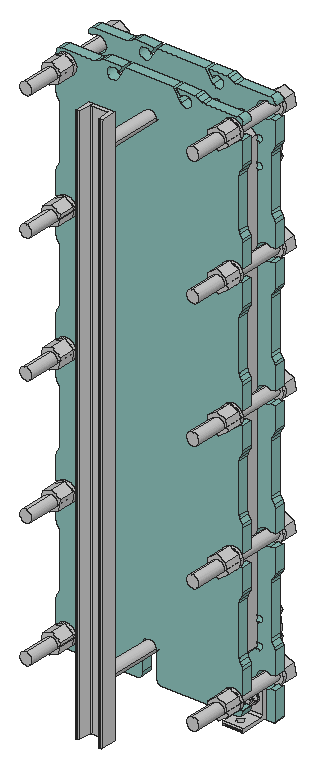
Revit family "MIT 535 - Heat Exchanger", category Specialty Equipment, Revit 2022 (continued)
Automatic sketch dimensions
  Extrusion 2 sketch curve to Extrusion 2 sketch curve = 15.00 mm  (x5)
  Extrusion 2 sketch curve to Extrusion 2 sketch curve = 3.302 mm  (x4)
  Extrusion 2 sketch curve to Extrusion 2 sketch curve = 13.302 mm  (x11)
  Extrusion 2 sketch curve to Extrusion 2 sketch curve = 10.00 mm  (x12)
  Extrusion 2 sketch curve to Extrusion 2 sketch curve = 79.91 mm
  Extrusion 2 sketch curve to Extrusion 2 sketch curve = 7.50 mm  (x8)
  Extrusion 2 sketch curve to Extrusion 2 sketch curve = 10.359 mm  (x12)
  Extrusion 2 sketch curve to Extrusion 2 sketch curve = 22.231 mm  (x2)
  Extrusion 2 sketch curve to Extrusion 2 sketch curve = 0.804 mm  (x2)
  Extrusion 2 sketch curve to Extrusion 2 sketch curve = 9.588 mm  (x2)
  Extrusion 2 sketch curve to Extrusion 2 sketch curve = 6.928 mm  (x2)
  plane 3 "Center (Left/Right)" to Extrusion 2 sketch curve = 31.583 mm
  plane 3 "Center (Left/Right)" to Extrusion 2 sketch curve = 16.583 mm
  plane 3 "Center (Left/Right)" to Extrusion 2 sketch curve = 0.039 mm
  Extrusion 2 sketch curve to plane 3 "Center (Left/Right)" = 0.00 mm
  Extrusion 2 sketch curve to plane 3 "Center (Left/Right)" = 59.689 mm
  Extrusion 2 sketch curve to Extrusion 2 sketch curve = 13.794 mm
  Extrusion 2 sketch curve to plane 3 "Center (Left/Right)" = 207.50 mm  (x3)
  level to Extrusion 2 sketch curve = 88.00 mm
  Extrusion 2 sketch curve to Extrusion 2 sketch curve = 175.996 mm
  Extrusion 2 sketch curve to Extrusion 2 sketch curve = 69.91 mm
  Extrusion 2 sketch curve to Extrusion 2 sketch curve = 16.25 mm  (x9)
  level to Extrusion 2 sketch curve = 71.75 mm
  Extrusion 2 sketch curve to Extrusion 2 sketch curve = 1.75 mm  (x2)
  level to Extrusion 2 sketch curve = 70.00 mm
  Extrusion 2 sketch curve to Extrusion 2 sketch curve = 18.00 mm
  Extrusion 2 sketch curve to Extrusion 2 sketch curve = 63.013 mm
  Extrusion 2 sketch curve to Extrusion 2 sketch curve = 17.859 mm  (x2)
  Extrusion 2 sketch curve to Extrusion 2 sketch curve = 122.321 mm  (x6)
  Extrusion 2 sketch curve to Extrusion 2 sketch curve = 55.981 mm  (x12)
  plane 11 "12" to Extrusion 2 sketch curve = 56.00 mm
  Extrusion 2 sketch curve to Extrusion 2 sketch curve = 56.00 mm  (x2)
  Extrusion 2 sketch curve to Extrusion 2 sketch curve = 0.75 mm  (x2)
  plane 3 "Center (Left/Right)" to Extrusion 2 sketch curve = 15.00 mm
  Extrusion 3 sketch curve to Extrusion 3 sketch curve = 0.00 mm  (x8)
  Extrusion 3 sketch curve to plane 11 "12" = 0.00 mm  (x2)
  plane 3 "Center (Left/Right)" to Extrusion 3 sketch curve = 185.00 mm
  plane 11 "12" to Extrusion 3 sketch curve = 65.00 mm  (x2)
  Extrusion 3 sketch curve to Extrusion 3 sketch curve = 30.00 mm  (x3)
  Extrusion 3 sketch curve to Extrusion 3 sketch curve = 36.00 mm  (x4)
  plane 3 "Center (Left/Right)" to Extrusion 3 sketch curve = 27.00 mm  (x2)
  Extrusion 3 sketch curve to Extrusion 3 sketch curve = 3.00 mm  (x4)
  Extrusion 3 sketch curve to Extrusion 3 sketch curve = 3.087 mm  (x2)
  Extrusion 3 sketch curve to Extrusion 3 sketch curve = 7.00 mm  (x4)
  Extrusion 3 sketch curve to Extrusion 3 sketch curve = 4.513 mm  (x4)
  Extrusion 3 sketch curve to Extrusion 3 sketch curve = 1.805 mm  (x4)
  Extrusion 3 sketch curve to plane 3 "Center (Left/Right)" = 15.195 mm  (x2)
  Extrusion 3 sketch curve to Extrusion 3 sketch curve = 1.205 mm
  Extrusion 3 sketch curve to plane 3 "Center (Left/Right)" = 16.40 mm
  Extrusion 3 sketch curve to Extrusion 3 sketch curve = 98.087 mm  (x2)
  level to Extrusion 3 sketch curve = 188.00 mm  (x2)
  Extrusion 3 sketch curve to Extrusion 3 sketch curve = 35.00 mm  (x2)
  Extrusion 3 sketch curve to Extrusion 3 sketch curve = 40.00 mm
  Extrusion 3 sketch curve to Extrusion 3 sketch curve = 5.00 mm  (x4)
  Extrusion 3 sketch curve to Extrusion 3 sketch curve = 11.986 mm  (x2)
  Extrusion 3 sketch curve to Extrusion 3 sketch curve = 0.861 mm  (x2)
  plane 11 "12" to Extrusion 3 sketch curve = 35.00 mm  (x2)
  Extrusion 3 sketch curve to Extrusion 3 sketch curve = 22.00 mm
  Extrusion 3 sketch curve to Extrusion 3 sketch curve = 2.861 mm  (x2)
  Extrusion 3 sketch curve to plane 11 "12" = 44.00 mm
  Extrusion 3 sketch curve to Extrusion 3 sketch curve = 44.00 mm  (x3)
  Extrusion 4 sketch curve to Extrusion 4 sketch curve = 0.00 mm  (x4)
  Extrusion 4 sketch curve to plane 3 "Center (Left/Right)" = 0.00 mm  (x2)
  level to Extrusion 4 sketch curve = 132.00 mm
  plane 11 "12" to Extrusion 4 sketch curve = 56.00 mm
  Extrusion 4 sketch curve to Extrusion 4 sketch curve = 15.00 mm  (x2)
  Extrusion 5 sketch curve to Extrusion 5 sketch curve = 0.00 mm  (x20)
  Extrusion 5 sketch curve to plane 3 "Center (Left/Right)" = 207.50 mm  (x5)
  level to Extrusion 5 sketch curve = 88.00 mm  (x2)
  plane 11 "12" to Extrusion 5 sketch curve = 100.00 mm  (x2)
  plane 3 "Center (Left/Right)" to Extrusion 5 sketch curve = 207.50 mm  (x5)
  Extrusion 5 sketch curve to Extrusion 5 sketch curve = 317.50 mm  (x4)
  Extrusion 5 sketch curve to plane 11 "12" = 217.50 mm  (x2)
  Extrusion 5 sketch curve to Extrusion 5 sketch curve = 1.809 mm  (x20)
  Extrusion 5 sketch curve to Extrusion 5 sketch curve = 14.891 mm  (x10)
  level to Extrusion 6 sketch curve = 44.072 mm  (x2)
  Extrusion 6 sketch curve to plane 3 "Center (Left/Right)" = 196.904 mm
  level to Extrusion 6 sketch curve = 57.01 mm  (x2)
  Extrusion 6 sketch curve to Extrusion 6 sketch curve = 6.398 mm
  level to Extrusion 6 sketch curve = 32.062 mm  (x2)
  Extrusion 6 sketch curve to Extrusion 6 sketch curve = 8.006 mm  (x2)
  level to Extrusion 6 sketch curve = 57.938 mm  (x2)
  Extrusion 6 sketch curve to Extrusion 6 sketch curve = 14.404 mm  (x2)
  level to Extrusion 6 sketch curve = 32.99 mm  (x2)
  Extrusion 6 sketch curve to Extrusion 6 sketch curve = 14.403 mm  (x2)
  level to Extrusion 6 sketch curve = 45.929 mm  (x2)
  Extrusion 6 sketch curve to Extrusion 6 sketch curve = 8.005 mm  (x2)
  plane 3 "Center (Left/Right)" to Extrusion 6 sketch curve = 168.097 mm
  Extrusion 6 sketch curve to Extrusion 6 sketch curve = 6.399 mm
  Extrusion 7 sketch curve to Extrusion 7 sketch curve = 0.00 mm  (x4)
  level to Extrusion 7 sketch curve = 44.999 mm  (x2)
  Extrusion 7 sketch curve to plane 3 "Center (Left/Right)" = 182.524 mm
  plane 3 "Center (Left/Right)" to Extrusion 7 sketch curve = 182.524 mm
  Extrusion 7 sketch curve to Extrusion 7 sketch curve = 0.115 mm  (x4)
  Extrusion 7 sketch curve to Extrusion 7 sketch curve = 15.00 mm  (x2)
  Extrusion 8 sketch curve to Extrusion 8 sketch curve = 0.00 mm  (x4)
  level to Extrusion 8 sketch curve = 45.00 mm  (x2)
  Extrusion 8 sketch curve to plane 3 "Center (Left/Right)" = 182.50 mm
  plane 3 "Center (Left/Right)" to Extrusion 8 sketch curve = 182.50 mm
  Extrusion 8 sketch curve to Extrusion 8 sketch curve = 4.437 mm  (x4)
  Extrusion 8 sketch curve to Extrusion 8 sketch curve = 6.657 mm  (x2)
  level to Extrusion 9 sketch curve = 45.929 mm
  plane 3 "Center (Left/Right)" to Extrusion 9 sketch curve = 168.097 mm
  level to Extrusion 9 sketch curve = 32.99 mm
  Extrusion 9 sketch curve to Extrusion 9 sketch curve = 6.398 mm
  level to Extrusion 9 sketch curve = 57.939 mm
  Extrusion 9 sketch curve to Extrusion 9 sketch curve = 8.006 mm  (x2)
  level to Extrusion 9 sketch curve = 32.063 mm
  Extrusion 9 sketch curve to Extrusion 9 sketch curve = 14.404 mm  (x2)
  level to Extrusion 9 sketch curve = 57.011 mm
  level to Extrusion 9 sketch curve = 44.073 mm
  Extrusion 10 sketch curve to Extrusion 10 sketch curve = 0.00 mm  (x73)
  Extrusion 10 sketch curve to plane 3 "Center (Left/Right)" = 192.912 mm  (x2)
  Extrusion 10 sketch curve to plane 11 "12" = 30.615 mm  (x4)
  Extrusion 10 sketch curve to Extrusion 10 sketch curve = 43.296 mm  (x23)
  Extrusion 10 sketch curve to Extrusion 10 sketch curve = 61.229 mm  (x12)
  Extrusion 10 sketch curve to plane 3 "Center (Left/Right)" = 45.091 mm  (x4)
  plane 3 "Center (Left/Right)" to Extrusion 10 sketch curve = 45.09 mm  (x4)
  Extrusion 10 sketch curve to plane 11 "12" = 73.91 mm
  level to Extrusion 10 sketch curve = 261.91 mm
  plane 11 "12" to Extrusion 10 sketch curve = 30.615 mm  (x4)
  Extrusion 10 sketch curve to Extrusion 10 sketch curve = 10.607 mm  (x48)
  Extrusion 10 sketch curve to Extrusion 10 sketch curve = 15.00 mm  (x16)
  plane 11 "12" to Extrusion 11 sketch curve = 30.615 mm  (x4)
  Extrusion 11 sketch curve to plane 3 "Center (Left/Right)" = 207.346 mm  (x2)
  Extrusion 11 sketch curve to Extrusion 11 sketch curve = 0.492 mm  (x2)
  Extrusion 11 sketch curve to plane 11 "12" = 26.879 mm  (x2)
  Extrusion 11 sketch curve to plane 11 "12" = 40.821 mm  (x2)
  Extrusion 11 sketch curve to Extrusion 11 sketch curve = 3.736 mm  (x44)
  Extrusion 11 sketch curve to Extrusion 11 sketch curve = 7.217 mm  (x48)
  plane 11 "12" to Extrusion 11 sketch curve = 43.115 mm  (x2)
  Extrusion 11 sketch curve to plane 11 "12" = 16.673 mm  (x4)
  Extrusion 11 sketch curve to Extrusion 11 sketch curve = 10.206 mm  (x39)
  Extrusion 11 sketch curve to plane 11 "12" = 44.557 mm  (x2)
  Extrusion 11 sketch curve to Extrusion 11 sketch curve = 13.942 mm  (x59)
  Extrusion 11 sketch curve to Extrusion 11 sketch curve = 14.434 mm  (x32)
  Extrusion 11 sketch curve to plane 11 "12" = 20.408 mm  (x4)
  Extrusion 11 sketch curve to plane 11 "12" = 34.35 mm  (x2)
  Extrusion 11 sketch curve to Extrusion 11 sketch curve = 22.137 mm  (x4)
  plane 11 "12" to Extrusion 11 sketch curve = 70.175 mm  (x2)
  Extrusion 11 sketch curve to Extrusion 11 sketch curve = 27.06 mm  (x8)
  plane 11 "12" to Extrusion 11 sketch curve = 59.968 mm  (x2)
  Extrusion 11 sketch curve to Extrusion 11 sketch curve = 12.50 mm  (x43)
  Extrusion 11 sketch curve to plane 11 "12" = 59.477 mm  (x2)
  plane 11 "12" to Extrusion 11 sketch curve = 63.704 mm  (x2)
  Extrusion 11 sketch curve to Extrusion 11 sketch curve = 33.345 mm  (x4)
  Extrusion 11 sketch curve to Extrusion 11 sketch curve = 36.229 mm  (x4)
  Extrusion 11 sketch curve to Extrusion 11 sketch curve = 25.126 mm  (x8)
  Extrusion 11 sketch curve to Extrusion 11 sketch curve = 16.854 mm  (x6)
  plane 3 "Center (Left/Right)" to Extrusion 11 sketch curve = 30.656 mm  (x2)
  plane 3 "Center (Left/Right)" to Extrusion 11 sketch curve = 31.148 mm  (x2)
  plane 11 "12" to Extrusion 11 sketch curve = 18.115 mm  (x3)
  Extrusion 11 sketch curve to Extrusion 11 sketch curve = 0.00 mm  (x4)
  level to Extrusion 11 sketch curve = 275.852 mm  (x2)
  Extrusion 11 sketch curve to Extrusion 11 sketch curve = 34.787 mm  (x4)
  Extrusion 11 sketch curve to Extrusion 11 sketch curve = 24.148 mm  (x2)
  Extrusion 12 sketch curve to Extrusion 12 sketch curve = 0.00 mm  (x4)
  Extrusion 12 sketch curve to plane 3 "Center (Left/Right)" = 0.00 mm  (x2)
  level to Extrusion 12 sketch curve = 132.00 mm
  plane 11 "12" to Extrusion 12 sketch curve = 56.00 mm
  Extrusion 12 sketch curve to plane 3 "Center (Left/Right)" = 9.00 mm  (x2)
  Extrusion 13 sketch curve to plane 8 "3" = 0.00 mm
  Extrusion 13 sketch curve to plane 3 "Center (Left/Right)" = 32.501 mm
  Extrusion 13 sketch curve to Extrusion 13 sketch curve = 3.00 mm  (x3)
  Extrusion 13 sketch curve to Extrusion 13 sketch curve = 1.794 mm  (x2)
  Extrusion 13 sketch curve to Extrusion 13 sketch curve = 2.984 mm  (x2)
  Extrusion 13 sketch curve to plane 8 "3" = 6.00 mm
  Extrusion 13 sketch curve to Extrusion 13 sketch curve = 13.716 mm
  Extrusion 13 sketch curve to plane 8 "3" = 9.00 mm
  plane 3 "Center (Left/Right)" to Extrusion 13 sketch curve = 18.785 mm
  Extrusion 13 sketch curve to plane 8 "3" = 8.622 mm
  plane 3 "Center (Left/Right)" to Extrusion 13 sketch curve = 24.721 mm
  Extrusion 13 sketch curve to Extrusion 13 sketch curve = 31.00 mm
  Extrusion 13 sketch curve to Extrusion 13 sketch curve = 0.00 mm  (x2)
  Extrusion 13 sketch curve to plane 8 "3" = 8.692 mm
  Extrusion 13 sketch curve to Extrusion 13 sketch curve = 2.985 mm
  Extrusion 13 sketch curve to Extrusion 13 sketch curve = 0.001 mm
  Extrusion 14 sketch curve to Extrusion 14 sketch curve = 0.00 mm  (x20)
  Extrusion 14 sketch curve to plane 3 "Center (Left/Right)" = 207.50 mm  (x5)
  level to Extrusion 14 sketch curve = 88.00 mm  (x2)
  plane 11 "12" to Extrusion 14 sketch curve = 100.00 mm  (x2)
  plane 3 "Center (Left/Right)" to Extrusion 14 sketch curve = 207.50 mm  (x5)
  Extrusion 14 sketch curve to Extrusion 14 sketch curve = 317.50 mm  (x4)
  Extrusion 14 sketch curve to plane 11 "12" = 217.50 mm  (x2)
  Extrusion 14 sketch curve to Extrusion 14 sketch curve = 1.233 mm  (x20)
  Extrusion 14 sketch curve to Extrusion 14 sketch curve = 24.97 mm  (x10)
  Extrusion 15 sketch curve to Extrusion 2 = 0.832 mm  (x10)
  Extrusion 2 to Extrusion 15 sketch curve = 0.467 mm  (x20)
  Extrusion 15 sketch curve to Extrusion 2 = 4.00 mm  (x10)
  Extrusion 15 sketch curve to Extrusion 2 = 11.832 mm  (x10)
  Extrusion 15 sketch curve to Extrusion 2 = 18.168 mm  (x10)
  Extrusion 15 sketch curve to Extrusion 2 = 5.922 mm  (x2)
  Extrusion 15 sketch curve to Extrusion 15 sketch curve = 24.168 mm  (x5)
  Extrusion 2 to Extrusion 15 sketch curve = 5.955 mm  (x20)
  Extrusion 15 sketch curve to Extrusion 15 sketch curve = 21.00 mm  (x4)
  Extrusion 15 sketch curve to Extrusion 15 sketch curve = 3.168 mm  (x6)
  Extrusion 15 sketch curve to Extrusion 2 = 39.168 mm  (x5)
  Extrusion 15 sketch curve to Extrusion 2 = 6.922 mm  (x2)
  Extrusion 15 sketch curve to Extrusion 2 = 9.828 mm  (x16)
  Extrusion 16 sketch curve to Extrusion 16 sketch curve = 0.00 mm  (x20)
  Extrusion 16 sketch curve to Extrusion 2 = 15.00 mm  (x10)
  Extrusion 2 to Extrusion 16 sketch curve = 16.25 mm  (x10)
  Extrusion 16 sketch curve to Extrusion 2 = 13.767 mm  (x9)
  Extrusion 16 sketch curve to Extrusion 2 = 16.232 mm  (x10)
  Extrusion 16 sketch curve to Extrusion 2 = 7.03 mm  (x2)
  Extrusion 16 sketch curve to Extrusion 2 = 8.72 mm  (x7)
  Extrusion 16 sketch curve to Extrusion 2 = 8.031 mm
  Extrusion 16 sketch curve to Extrusion 2 = 8.03 mm
  Extrusion 17 sketch curve to plane 3 "Center (Left/Right)" = 231.668 mm  (x5)
  plane 11 "12" to Extrusion 17 sketch curve = 89.705 mm  (x2)
  level to Extrusion 17 sketch curve = 77.705 mm  (x2)
  Extrusion 17 sketch curve to Extrusion 17 sketch curve = 3.168 mm  (x15)
  level to Extrusion 17 sketch curve = 103.783 mm  (x2)
  Extrusion 17 sketch curve to Extrusion 17 sketch curve = 21.00 mm  (x15)
  plane 11 "12" to Extrusion 17 sketch curve = 73.922 mm  (x2)
  level to Extrusion 17 sketch curve = 61.922 mm  (x2)
  Extrusion 17 sketch curve to Extrusion 17 sketch curve = 24.168 mm  (x20)
  plane 11 "12" to Extrusion 17 sketch curve = 84.217 mm  (x2)
  level to Extrusion 17 sketch curve = 72.217 mm  (x2)
  plane 3 "Center (Left/Right)" to Extrusion 17 sketch curve = 183.332 mm  (x5)
  Extrusion 17 sketch curve to Extrusion 17 sketch curve = 26.078 mm  (x18)
  Extrusion 17 sketch curve to Extrusion 17 sketch curve = 10.295 mm  (x12)
  Extrusion 17 sketch curve to Extrusion 17 sketch curve = 265.345 mm  (x4)
  Extrusion 17 sketch curve to Extrusion 17 sketch curve = 15.783 mm  (x10)
  Extrusion 17 sketch curve to plane 11 "12" = 243.578 mm  (x2)
  Extrusion 19 sketch curve to Extrusion 19 sketch curve = 0.00 mm  (x106)
  Extrusion 19 sketch curve to plane 11 "12" = 0.00 mm  (x2)
  Extrusion 19 sketch curve to plane 3 "Center (Left/Right)" = 192.91 mm  (x2)
  Extrusion 19 sketch curve to plane 11 "12" = 30.615 mm  (x4)
  Extrusion 19 sketch curve to Extrusion 19 sketch curve = 43.296 mm  (x22)
  Extrusion 19 sketch curve to Extrusion 19 sketch curve = 30.615 mm  (x4)
  Extrusion 19 sketch curve to Extrusion 19 sketch curve = 61.229 mm  (x12)
  Extrusion 19 sketch curve to plane 3 "Center (Left/Right)" = 45.09 mm  (x4)
  plane 3 "Center (Left/Right)" to Extrusion 19 sketch curve = 45.09 mm  (x4)
  Extrusion 19 sketch curve to plane 11 "12" = 73.91 mm
  level to Extrusion 19 sketch curve = 261.91 mm
  Extrusion 19 sketch curve to Extrusion 19 sketch curve = 73.91 mm  (x2)
  plane 11 "12" to Extrusion 19 sketch curve = 30.615 mm  (x4)
  Extrusion 19 sketch curve to Extrusion 19 sketch curve = 6.364 mm  (x24)
  Extrusion 19 sketch curve to Extrusion 19 sketch curve = 13.099 mm  (x2)
  Extrusion 19 sketch curve to Extrusion 19 sketch curve = 9.00 mm  (x16)
  Extrusion 19 sketch curve to Extrusion 19 sketch curve = 1.382 mm  (x9)
  Extrusion 19 sketch curve to Extrusion 19 sketch curve = 27.56 mm  (x2)
  Extrusion 19 sketch curve to Extrusion 19 sketch curve = 36.56 mm  (x4)
  Extrusion 19 sketch curve to plane 11 "12" = 31.997 mm  (x2)
  Extrusion 19 sketch curve to Extrusion 19 sketch curve = 30.197 mm  (x2)
  Extrusion 19 sketch curve to Extrusion 19 sketch curve = 6.735 mm  (x2)
  Extrusion 19 sketch curve to Extrusion 19 sketch curve = 41.914 mm
  Extrusion 20 sketch curve to Extrusion 20 sketch curve = 0.00 mm  (x2)
  plane 3 "Center (Left/Right)" to Extrusion 20 sketch curve = 182.50 mm
  Extrusion 20 sketch curve to Extrusion 20 sketch curve = 25.00 mm  (x2)
  Extrusion 20 sketch curve to plane 3 "Center (Left/Right)" = 157.50 mm
  Extrusion 20 sketch curve to Extrusion 20 sketch curve = 9.00 mm  (x2)
  Extrusion 21 sketch curve to Extrusion 21 sketch curve = 0.00 mm  (x12)
  Extrusion 21 sketch curve to level = 0.00 mm  (x2)
  plane 11 "12" to Extrusion 21 sketch curve = 117.00 mm
  Extrusion 21 sketch curve to plane 3 "Center (Left/Right)" = 232.50 mm
  Extrusion 21 sketch curve to Extrusion 21 sketch curve = 15.00 mm
  Extrusion 21 sketch curve to plane 3 "Center (Left/Right)" = 207.50 mm  (x3)
  Extrusion 21 sketch curve to Extrusion 21 sketch curve = 10.00 mm  (x3)
  Extrusion 21 sketch curve to Extrusion 21 sketch curve = 25.00 mm  (x3)
  Extrusion 21 sketch curve to Extrusion 21 sketch curve = 73.93 mm  (x2)
  Extrusion 21 sketch curve to Extrusion 21 sketch curve = 50.00 mm  (x3)
  Extrusion 21 sketch curve to plane 11 "12" = 0.00 mm  (x2)
  Extrusion 21 sketch curve to plane 3 "Center (Left/Right)" = 119.00 mm  (x2)
  Extrusion 21 sketch curve to Extrusion 21 sketch curve = 17.321 mm  (x2)
  Extrusion 21 sketch curve to Extrusion 21 sketch curve = 33.50 mm  (x2)
  Extrusion 21 sketch curve to Extrusion 21 sketch curve = 26.25 mm  (x2)
  Extrusion 21 sketch curve to plane 3 "Center (Left/Right)" = 0.00 mm  (x2)
  plane 3 "Center (Left/Right)" to Extrusion 21 sketch curve = 90.00 mm
  plane 3 "Center (Left/Right)" to Extrusion 21 sketch curve = 99.00 mm
  plane 3 "Center (Left/Right)" to Extrusion 21 sketch curve = 119.00 mm  (x2)
  plane 3 "Center (Left/Right)" to Extrusion 21 sketch curve = 207.50 mm  (x3)
  Extrusion 21 sketch curve to Extrusion 21 sketch curve = 27.50 mm  (x3)
  level to Extrusion 21 sketch curve = 45.00 mm  (x2)
  Extrusion 21 sketch curve to Extrusion 21 sketch curve = 43.00 mm  (x2)
  Extrusion 21 sketch curve to Extrusion 21 sketch curve = 77.00 mm
  Extrusion 21 sketch curve to Extrusion 21 sketch curve = 56.00 mm  (x2)
  Extrusion 21 sketch curve to Extrusion 21 sketch curve = 217.50 mm  (x2)
  Extrusion 21 sketch curve to Extrusion 21 sketch curve = 317.50 mm  (x2)
  Extrusion 21 sketch curve to plane 11 "12" = 217.50 mm  (x2)
  plane 11 "12" to Extrusion 21 sketch curve = 56.00 mm
  Extrusion 21 sketch curve to Extrusion 21 sketch curve = 17.00 mm  (x2)
  plane 11 "12" to Extrusion 21 sketch curve = 100.00 mm
  Extrusion 21 sketch curve to Extrusion 21 sketch curve = 12.50 mm  (x2)
  Extrusion 21 sketch curve to Extrusion 21 sketch curve = 40.00 mm  (x4)
  Extrusion 21 sketch curve to Extrusion 21 sketch curve = 6.25 mm  (x2)
  Extrusion 22 sketch curve to Extrusion 22 sketch curve = 0.00 mm  (x26)
  level to Extrusion 22 sketch curve = 55.00 mm
  plane 3 "Center (Left/Right)" to Extrusion 22 sketch curve = 232.50 mm
  Extrusion 22 sketch curve to Extrusion 22 sketch curve = 15.00 mm  (x4)
  plane 3 "Center (Left/Right)" to Extrusion 22 sketch curve = 207.50 mm  (x3)
  Extrusion 22 sketch curve to Extrusion 22 sketch curve = 25.00 mm
  Extrusion 22 sketch curve to Extrusion 22 sketch curve = 10.00 mm  (x3)
  Extrusion 22 sketch curve to Extrusion 22 sketch curve = 73.93 mm  (x2)
  Extrusion 22 sketch curve to Extrusion 22 sketch curve = 17.321 mm  (x2)
  Extrusion 22 sketch curve to Extrusion 22 sketch curve = 26.25 mm  (x2)
  plane 3 "Center (Left/Right)" to Extrusion 22 sketch curve = 0.039 mm
  Extrusion 22 sketch curve to plane 3 "Center (Left/Right)" = 0.00 mm
  Extrusion 22 sketch curve to plane 3 "Center (Left/Right)" = 90.00 mm
  Extrusion 22 sketch curve to plane 3 "Center (Left/Right)" = 207.50 mm  (x4)
  level to Extrusion 22 sketch curve = 88.00 mm
  Extrusion 22 sketch curve to Extrusion 22 sketch curve = 33.00 mm  (x2)
  level to Extrusion 22 sketch curve = 133.013 mm
  Extrusion 22 sketch curve to Extrusion 22 sketch curve = 317.50 mm  (x4)
  Extrusion 22 sketch curve to plane 11 "12" = 217.50 mm  (x2)
  plane 11 "12" to Extrusion 22 sketch curve = 56.00 mm
  plane 11 "12" to Extrusion 22 sketch curve = 100.00 mm  (x2)
  Extrusion 22 sketch curve to Extrusion 22 sketch curve = 16.944 mm  (x2)
  Extrusion 22 sketch curve to Extrusion 22 sketch curve = 0.056 mm  (x2)
  Extrusion 22 sketch curve to Extrusion 22 sketch curve = 12.50 mm  (x2)
  Extrusion 22 sketch curve to Extrusion 22 sketch curve = 21.00 mm  (x9)
  Extrusion 22 sketch curve to Extrusion 22 sketch curve = 4.00 mm
  plane 3 "Center (Left/Right)" to Extrusion 22 sketch curve = 15.00 mm
  plane 3 "Center (Left/Right)" to Extrusion 23 sketch curve = 185.00 mm
  plane 11 "12" to Extrusion 23 sketch curve = 65.00 mm
  Extrusion 23 sketch curve to Extrusion 23 sketch curve = 30.00 mm  (x4)
  plane 3 "Center (Left/Right)" to Extrusion 23 sketch curve = 27.00 mm  (x2)
  Extrusion 23 sketch curve to Extrusion 23 sketch curve = 2.675 mm  (x2)
  Extrusion 23 sketch curve to Extrusion 23 sketch curve = 13.17 mm  (x4)
  Extrusion 23 sketch curve to plane 3 "Center (Left/Right)" = 13.83 mm  (x2)
  Extrusion 23 sketch curve to plane 3 "Center (Left/Right)" = 24.325 mm  (x2)
  Extrusion 23 sketch curve to Extrusion 23 sketch curve = 128.00 mm  (x2)
  Extrusion 23 sketch curve to Extrusion 23 sketch curve = 0.00 mm
  Extrusion 23 sketch curve to Extrusion 23 sketch curve = 3.00 mm  (x3)
  Extrusion 23 sketch curve to Extrusion 23 sketch curve = 22.00 mm  (x3)
  plane 11 "12" to Extrusion 23 sketch curve = 35.00 mm  (x2)
  level to Extrusion 23 sketch curve = 153.00 mm  (x2)
  level to Extrusion 23 sketch curve = 148.00 mm
  Extrusion 24 sketch curve to Extrusion 24 sketch curve = 0.00 mm  (x48)
  Extrusion 24 sketch curve to plane 11 "12" = 0.00 mm  (x2)
  Extrusion 24 sketch curve to plane 3 "Center (Left/Right)" = 119.00 mm  (x2)
  plane 3 "Center (Left/Right)" to Extrusion 24 sketch curve = 119.00 mm  (x2)
  level to Extrusion 24 sketch curve = 188.00 mm  (x2)
  Extrusion 24 sketch curve to Extrusion 24 sketch curve = 31.997 mm  (x10)
  Extrusion 24 sketch curve to Extrusion 24 sketch curve = 35.179 mm  (x8)
  plane 3 "Center (Left/Right)" to Extrusion 24 sketch curve = 51.825 mm  (x2)
  Extrusion 24 sketch curve to plane 11 "12" = 31.997 mm  (x2)
  Extrusion 24 sketch curve to Extrusion 24 sketch curve = 67.175 mm  (x2)
  Extrusion 25 sketch curve to Extrusion 25 sketch curve = 0.00 mm  (x4)
  Extrusion 25 sketch curve to level = 0.00 mm
  Extrusion 25 sketch curve to plane 3 "Center (Left/Right)" = 232.50 mm
  Extrusion 25 sketch curve to plane 3 "Center (Left/Right)" = 207.50 mm  (x3)
  Extrusion 25 sketch curve to Extrusion 25 sketch curve = 25.00 mm  (x4)
  Extrusion 25 sketch curve to plane 3 "Center (Left/Right)" = 90.00 mm
  Extrusion 25 sketch curve to plane 3 "Center (Left/Right)" = 0.00 mm  (x2)
  plane 3 "Center (Left/Right)" to Extrusion 25 sketch curve = 90.00 mm
  level to Extrusion 25 sketch curve = 45.00 mm  (x2)
  plane 3 "Center (Left/Right)" to Extrusion 25 sketch curve = 182.50 mm
  plane 3 "Center (Left/Right)" to Extrusion 25 sketch curve = 207.50 mm  (x3)
  Extrusion 25 sketch curve to Extrusion 25 sketch curve = 117.50 mm
  Extrusion 25 sketch curve to Extrusion 25 sketch curve = 50.00 mm
  Extrusion 25 sketch curve to Extrusion 25 sketch curve = 43.00 mm  (x2)
  level to Extrusion 25 sketch curve = 132.00 mm
  Extrusion 25 sketch curve to Extrusion 25 sketch curve = 317.50 mm  (x4)
  Extrusion 25 sketch curve to plane 11 "12" = 217.50 mm  (x2)
  plane 11 "12" to Extrusion 25 sketch curve = 56.00 mm
  plane 11 "12" to Extrusion 25 sketch curve = 100.00 mm  (x2)
  Extrusion 25 sketch curve to Extrusion 25 sketch curve = 63.50 mm  (x2)
  Extrusion 25 sketch curve to Extrusion 25 sketch curve = 42.00 mm
  Extrusion 25 sketch curve to Extrusion 25 sketch curve = 6.25 mm  (x2)
  Extrusion 26 sketch curve to Extrusion 26 sketch curve = 0.00 mm  (x26)
  level to Extrusion 26 sketch curve = 55.00 mm
  plane 3 "Center (Left/Right)" to Extrusion 26 sketch curve = 232.50 mm
  plane 3 "Center (Left/Right)" to Extrusion 26 sketch curve = 207.50 mm  (x3)
  Extrusion 26 sketch curve to Extrusion 26 sketch curve = 25.00 mm  (x3)
  plane 3 "Center (Left/Right)" to Extrusion 26 sketch curve = 90.00 mm
  plane 3 "Center (Left/Right)" to Extrusion 26 sketch curve = 0.039 mm
  Extrusion 26 sketch curve to plane 3 "Center (Left/Right)" = 0.00 mm
  Extrusion 26 sketch curve to plane 3 "Center (Left/Right)" = 90.00 mm
  Extrusion 26 sketch curve to plane 3 "Center (Left/Right)" = 207.50 mm  (x4)
  level to Extrusion 26 sketch curve = 88.00 mm
  Extrusion 26 sketch curve to Extrusion 26 sketch curve = 117.50 mm
  Extrusion 26 sketch curve to Extrusion 26 sketch curve = 33.00 mm  (x2)
  level to Extrusion 26 sketch curve = 133.013 mm
  Extrusion 26 sketch curve to Extrusion 26 sketch curve = 317.50 mm  (x4)
  Extrusion 26 sketch curve to plane 11 "12" = 217.50 mm  (x2)
  plane 11 "12" to Extrusion 26 sketch curve = 56.00 mm
  plane 11 "12" to Extrusion 26 sketch curve = 100.00 mm  (x2)
  Extrusion 26 sketch curve to Extrusion 26 sketch curve = 63.50 mm  (x2)
  Extrusion 26 sketch curve to Extrusion 26 sketch curve = 42.00 mm
  Extrusion 26 sketch curve to Extrusion 26 sketch curve = 21.00 mm  (x10)
  Extrusion 26 sketch curve to Extrusion 26 sketch curve = 15.00 mm  (x2)
  plane 3 "Center (Left/Right)" to Extrusion 26 sketch curve = 15.00 mm
  plane 11 "12" to Extrusion 27 sketch curve = 65.00 mm  (x2)
  plane 3 "Center (Left/Right)" to Extrusion 27 sketch curve = 185.00 mm
  plane 3 "Center (Left/Right)" to Extrusion 27 sketch curve = 27.00 mm  (x2)
  Extrusion 27 sketch curve to plane 3 "Center (Left/Right)" = 27.00 mm  (x2)
  Extrusion 27 sketch curve to Extrusion 27 sketch curve = 158.00 mm
  Extrusion 27 sketch curve to Extrusion 27 sketch curve = 25.00 mm
  level to Extrusion 27 sketch curve = 148.00 mm
  level to Extrusion 27 sketch curve = 123.00 mm  (x2)
  Extrusion 28 sketch curve to Extrusion 28 sketch curve = 0.00 mm  (x8)
  Extrusion 28 sketch curve to plane 11 "12" = 0.00 mm  (x2)
  Extrusion 28 sketch curve to plane 3 "Center (Left/Right)" = 119.00 mm  (x2)
  plane 3 "Center (Left/Right)" to Extrusion 28 sketch curve = 119.00 mm  (x2)
  level to Extrusion 28 sketch curve = 188.00 mm  (x2)
  Extrusion 28 sketch curve to Extrusion 28 sketch curve = 67.175 mm  (x6)
  Extrusion 28 sketch curve to plane 3 "Center (Left/Right)" = 51.825 mm  (x2)
  plane 3 "Center (Left/Right)" to Extrusion 28 sketch curve = 51.825 mm  (x2)
  Extrusion 28 sketch curve to plane 11 "12" = 67.175 mm  (x2)
  Extrusion 29 sketch curve to Extrusion 29 sketch curve = 2.00 mm  (x2)
  Extrusion 29 sketch curve to plane 7 "1" = 12.50 mm
  Extrusion 29 sketch curve to plane 7 "1" = 7.50 mm
  Extrusion 29 sketch curve to Extrusion 29 sketch curve = 3.00 mm
  Extrusion 29 sketch curve to Extrusion 29 sketch curve = 1.00 mm
  Extrusion 29 sketch curve to Extrusion 29 sketch curve = 3.50 mm
  Extrusion 29 sketch curve to Extrusion 29 sketch curve = 54.50 mm
  plane 3 "Center (Left/Right)" to Revolve 30 sketch curve = 156.00 mm
  Revolve 30 sketch curve to Revolve 30 sketch curve = 5.25 mm  (x2)
  Revolve 30 sketch curve to plane 9 "Bolt End" = 1.70 mm
  Revolve 30 sketch curve to Revolve 30 sketch curve = 37.00 mm
  plane 9 "Bolt End" to Revolve 30 sketch curve = 138.30 mm
  Revolve 31 sketch curve to plane 7 "1" = 0.00 mm
  plane 1 "Center (Front/Back)" to Revolve 31 sketch curve = 0.00 mm
  Revolve 31 sketch curve to plane 1 "Center (Front/Back)" = 3.00 mm
  Revolve 31 sketch curve to plane 3 "Center (Left/Right)" = 82.00 mm
  Revolve 31 sketch curve to Revolve 31 sketch curve = 5.25 mm  (x2)
  Revolve 31 sketch curve to Revolve 31 sketch curve = 3.00 mm
  Revolve 31 sketch curve to plane 9 "Bolt End" = 1.70 mm
  Revolve 31 sketch curve to Revolve 31 sketch curve = 37.00 mm
  plane 9 "Bolt End" to Revolve 31 sketch curve = 138.30 mm
  Revolve 32 sketch curve to plane 7 "1" = 0.00 mm
  plane 1 "Center (Front/Back)" to Revolve 32 sketch curve = 0.00 mm
  Revolve 32 sketch curve to plane 1 "Center (Front/Back)" = 3.00 mm
  Revolve 32 sketch curve to plane 3 "Center (Left/Right)" = 82.00 mm
  Revolve 32 sketch curve to Revolve 32 sketch curve = 5.25 mm  (x2)
  Revolve 32 sketch curve to Revolve 32 sketch curve = 3.00 mm
  Revolve 32 sketch curve to plane 9 "Bolt End" = 1.70 mm
  Revolve 32 sketch curve to Revolve 32 sketch curve = 37.00 mm
  plane 9 "Bolt End" to Revolve 32 sketch curve = 138.30 mm
  Revolve 33 sketch curve to plane 7 "1" = 0.00 mm
  plane 1 "Center (Front/Back)" to Revolve 33 sketch curve = 0.00 mm
  Revolve 33 sketch curve to plane 1 "Center (Front/Back)" = 3.00 mm
  plane 3 "Center (Left/Right)" to Revolve 33 sketch curve = 156.00 mm
  Revolve 33 sketch curve to Revolve 33 sketch curve = 5.25 mm  (x2)
  Revolve 33 sketch curve to plane 7 "1" = 3.00 mm
  Revolve 33 sketch curve to plane 9 "Bolt End" = 1.70 mm
  Revolve 33 sketch curve to Revolve 33 sketch curve = 37.00 mm
  plane 9 "Bolt End" to Revolve 33 sketch curve = 138.30 mm
  radius of Extrusion 19 sketch curve = 9.00 mm  (x8)
  radius of Extrusion 21 sketch curve = 12.00 mm  (x2)
  radius of Extrusion 21 sketch curve = 21.00 mm  (x10)
  radius of Extrusion 21 sketch curve = 15.00 mm  (x2)
  radius of Extrusion 22 sketch curve = 16.544 mm
  radius of Extrusion 25 sketch curve = 12.00 mm  (x2)
  radius of Extrusion 25 sketch curve = 21.00 mm  (x10)
  radius of Extrusion 25 sketch curve = 15.00 mm  (x2)
  radius of Extrusion 26 sketch curve = 16.544 mm
Connectors
  piping at (119, 17, 1258), diameter 76.2
    settings: on Extrusion 19, index 1, connector inside diameter 609.6 mm, connector length 0.00 mm, flow factor 0, pipe flow 0.0 L/s, pressure drop 0 bar, fitting loss kfactor 0, connector angle 0.00°, fixture units 0, engagement length 0.00 mm, angle of deflection 0.00°, flow configuration 0, flow direction 1, fitting loss method 0, system type 7, joint type 0, gender type 0, connector reference index -1, connector utility 0, adjustable connector no, is connector primary yes, connector description ""
  piping at (-119, 17, 1258), diameter 76.2
    settings: on Extrusion 19, index 2, connector inside diameter 609.6 mm, connector length 0.00 mm, flow factor 0, pipe flow 0.0 L/s, pressure drop 0 bar, fitting loss kfactor 0, connector angle 0.00°, fixture units 0, engagement length 0.00 mm, angle of deflection 0.00°, flow configuration 0, flow direction 2, fitting loss method 0, system type 7, joint type 0, gender type 0, connector reference index -1, connector utility 0, adjustable connector no, is connector primary no, connector description ""
  piping at (119, 17, 188), diameter 76.2
    settings: on Extrusion 19, index 3, connector inside diameter 609.6 mm, connector length 0.00 mm, flow factor 0, pipe flow 0.0 L/s, pressure drop 0 bar, fitting loss kfactor 0, connector angle 0.00°, fixture units 0, engagement length 0.00 mm, angle of deflection 0.00°, flow configuration 0, flow direction 2, fitting loss method 0, system type 7, joint type 0, gender type 0, connector reference index -1, connector utility 0, adjustable connector no, is connector primary no, connector description ""
  piping at (-119, 17, 188), diameter 76.2
    settings: on Extrusion 19, index 4, connector inside diameter 609.6 mm, connector length 0.00 mm, flow factor 0, pipe flow 0.0 L/s, pressure drop 0 bar, fitting loss kfactor 0, connector angle 0.00°, fixture units 0, engagement length 0.00 mm, angle of deflection 0.00°, flow configuration 0, flow direction 1, fitting loss method 0, system type 7, joint type 0, gender type 0, connector reference index -1, connector utility 0, adjustable connector no, is connector primary no, connector description ""
